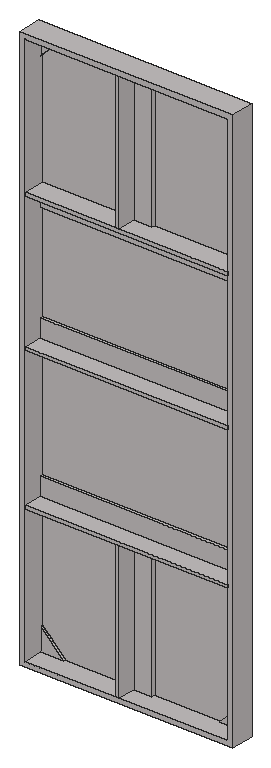
Revit family "알폼", category Generic Models, Revit 2025
Family settings
  Can host rebar = No
  Round Connector Dimension = Use Diameter
  Part Type = Normal
  Work Plane-Based = Yes
  Always vertical = Yes
  Cut with Voids When Loaded = No
  Maintain Annotation Orientation = No
  Shared = No
  Room Calculation Point = No
Parameters (values of type "450 X 1200")
  Total Height = 1200 mm
  Total Width = 450 mm
  Plate Size L = 10 mm
  Plate Inside Width = Total Width - Plate Size L * 2  # 430 mm
  Plate Size W = 50 mm
  Number = round(Cross member Placing Space / Cross member Step)  # 2
  Material = Working Scaffold - Metal
  Default Elevation = 1219.2 mm
  Cross member Step = 300 mm
  Cross member Top Height = 300 mm
  Cross member Placing Space = Total Height - Cross member Top Height - Cross member Bottom Height  # 600 mm
  Cross member Bottom Height = 300 mm
Types (6, lengths in mm): name | Total Height | Total Width | Plate Inside Width | Number | Cross member Placing Space
  600 X 2300 | 2300 | 600 | 580 | 6 | 1700
  600 X 2450 | 2450 | 600 | 580 | 6 | 1850
  450 X 2300 | 2300 | 450 | 430 | 6 | 1700
  600 X 1200 | 1200 | 600 | 580 | 2 | 600
  450 X 1200 | 1200 | 450 | 430 | 2 | 600
  400 X 2450 | 2300 | 400 | 380 | 6 | 1700
Reference planes
  plane 1 "Center (Front/Back)": y = 0
  plane 2: z = 0
  plane 3 "Center (Left/Right)": x = 0
  plane 4: x = -225
  plane 5: x = 225
  plane 6 "Cross member Bottom": z = 300
  plane 7 "Ladder Top": z = 1200
  plane 8 "Back (Origin)": y = 20
  plane 9: y = -30
  plane 10 "Crossmember Top": z = 900
Forms (mm)
  Extrusion 1, solid, material "Working Scaffold - Metal" <- "Material"
    sketch origin (0, 0, 300) x (0, -1, 0) y (1, 0, 0)
      loop
        line (-20, -225) -> (-16, -225) -> (-16, 225) -> (-20, 225) -> (-20, -225)
    from -300 to 900
  Sweep 2, solid, material "Working Scaffold - Metal" <- "Material"
    path origin (0, 20, 0) x (-1, 0, 0) y (0, 0, 1)
      loop
        line (225, 1200) -> (-225, 1200) -> (-225, 0) -> (225, 0) -> (225, 1200)
    profile origin (-225, 20, 600) x (0, 1, 0) y (-1, 0, 0)
      loop
        line (0, 0) -> (-50, 0) -> (-50, -10) -> (0, -10) -> (0, 0)
  Extrusion 3, solid, material "Working Scaffold - Metal" <- "Material"
    sketch origin (225, 16, 300) x (-1, 0, 0) y (0, 0, -1)
      loop
        line (440, 290) -> (390, 290) -> (440, 240) -> (440, 290)
      loop
        line (440, -890) -> (440, -840) -> (390, -890) -> (440, -890)
      loop
        line (60, -890) -> (10, -840) -> (10, -890) -> (60, -890)
      loop
        line (10, 290) -> (10, 240) -> (60, 290) -> (10, 290)
    from 0 to 4
Cuts and joins
  joined: Extrusion 1, Sweep 2
Dimensions and locks
  "Total Width": plane 4 to plane 5
  equal spacing: plane 4, plane 3 "Center (Left/Right)", plane 5
  "Cross member Bottom Height": plane 6 "Cross member Bottom" to level
  "Plate Size W": plane 8 "Back (Origin)" to plane 9
  locked: plane 8 "Back (Origin)" to Extrusion 1 sketch curve at 4
  locked: Sweep 2 sketch curve to Sweep 2 sketch curve at 10
  "Cross member Top Height": plane 7 "Ladder Top" to plane 10 "Crossmember Top"
  "Cross member Bottom Height": nested 1 to level
  "Total Height": plane 7 "Ladder Top" to level
  plane 10 "Crossmember Top" to plane 6 "Cross member Bottom" = 600 mm
  locked: nested 1 to plane 4 at 10
  group 1 to group 2 = 0 mm  (x2)
  group 1 to group 2 = 300 mm
  "Cross member Step": nested 5 to plane 6 "Cross member Bottom"
  locked: cut or joined group of Extrusion 1, Sweep 2 to nested 5 at 10
  aligned and locked: level to plane 2
  aligned and locked: plane 5 to Extrusion 1 sketch curve
  aligned and locked: plane 4 to Extrusion 1 sketch curve
  aligned and locked: Extrusion 1 sketch curve to plane 8 "Back (Origin)"
  aligned and locked: Extrusion 1 to plane 7 "Ladder Top"
  aligned and locked: Extrusion 1 to level
  aligned and locked: Sweep 2 sketch curve to plane 4
  aligned and locked: Sweep 2 sketch curve to plane 7 "Ladder Top"
  aligned and locked: Sweep 2 sketch curve to plane 5
  aligned and locked: Sweep 2 sketch curve to level
  aligned and locked: nested 2 to plane 10 "Crossmember Top"
  aligned and locked: nested 3 to plane 10 "Crossmember Top"
  aligned and locked: nested 4 to plane 6 "Cross member Bottom"
  aligned and locked: nested 4 to plane 3 "Center (Left/Right)"
  aligned and locked: plane 3 "Center (Left/Right)" to nested 3
  aligned and locked: cut or joined group of Extrusion 1, Sweep 2 to nested 1
  aligned and locked: cut or joined group of Extrusion 1, Sweep 2 to nested 4
  aligned and locked: nested 3 to cut or joined group of Extrusion 1, Sweep 2
  aligned and locked: nested 2 to cut or joined group of Extrusion 1, Sweep 2  (x2)
  aligned and locked: cut or joined group of Extrusion 1, Sweep 2 to nested 2
Automatic sketch dimensions
  Sweep 2 sketch curve to profile plane = 0 mm
  Sweep 2 sketch curve to plane 8 "Back (Origin)" = 0 mm
  Sweep 2 sketch curve to Sweep 2 sketch curve = 50 mm
  Extrusion 3 sketch curve to Extrusion 3 sketch curve = 50 mm  (x8)
  Extrusion 3 sketch curve to Extrusion 3 sketch curve = 0 mm
  Extrusion 3 sketch curve to Extrusion 1 = 10 mm  (x2)
  Extrusion 1 to Extrusion 3 sketch curve = 10 mm  (x3)
  Extrusion 1 to Extrusion 3 sketch curve = 60 mm  (x3)
Nested families
  nested 1: "Vertical Frame - Ladder" at (-215, -7, 300), Ladder Length <- "Plate Inside Width", type "Vertical Frame - Ladder"
    with Ladder Size 46 mm, Ladder Length 430 mm, Default Elevation 0 mm
  nested 2: "Vertical Frame - Ladder" at (215, -7, 900) x (-1, 0, 0) z (0, 0, -1), type "Vertical Frame - Ladder"
    with Ladder Size 46 mm, Ladder Length 430 mm, Default Elevation 0 mm
  nested 3: "Vertical Frame - Ladder" at (0, 16, 900) x (0, 0, 1) z (0, -1, 0), type "Vertical Frame - Ladder"
    with Ladder Size 46 mm, Ladder Length 290 mm, Default Elevation 0 mm
  nested 4: "Vertical Frame - Ladder" at (0, 16, 10) x (0, 0, 1) z (0, -1, 0), type "Vertical Frame - Ladder"
    with Ladder Size 46 mm, Ladder Length 290 mm, Default Elevation 0 mm
  nested 5: "Vertical Frame - Ladder" at (-215, -7, 600), Ladder Length <- "Plate Inside Width", type "Vertical Frame - Ladder"
    with Ladder Size 46 mm, Ladder Length 430 mm, Default Elevation 0 mm
Definition of nested family "Vertical Frame - Ladder"
  Parameters (values of type "Vertical Frame - Ladder")
    Ladder Size [instance] = 46 mm
    Ladder Material = none
    Ladder Length [instance] = 580 mm
    Default Elevation = 1219.2 mm
  Reference planes
    plane 1 "Center (Front/Back)": y = 0
    plane 2: z = 0
    plane 3 "Center (Left/Right)": x = 0
    plane 4: x = 580
  Forms (mm)
    Extrusion 1, solid, material <- "Ladder Material"
      sketch origin (0, 0, 0) x (0, 1, 0) y (0, 0, 1)
        loop
          line (16, 7) -> (-23, 7) -> (-23, 0) -> (23, 0) -> (23, 10) -> (23, 45) -> (16, 45) -> (16, 7)
      from 0 to 580
  Dimensions and locks
    "Ladder Length": plane 3 "Center (Left/Right)" to plane 4
    aligned and locked: level to plane 2
    aligned and locked: Extrusion 1 to plane 3 "Center (Left/Right)"
    aligned and locked: plane 4 to Extrusion 1
  Automatic sketch dimensions
    plane 1 "Center (Front/Back)" to Extrusion 1 sketch curve = 23 mm
    Extrusion 1 sketch curve to plane 1 "Center (Front/Back)" = 23 mm
    Extrusion 1 sketch curve to level = 0 mm
    Extrusion 1 sketch curve to Extrusion 1 sketch curve = 38 mm
    level to Extrusion 1 sketch curve = 7 mm
    Extrusion 1 sketch curve to Extrusion 1 sketch curve = 7 mm
    level to Extrusion 1 sketch curve = 10 mm
